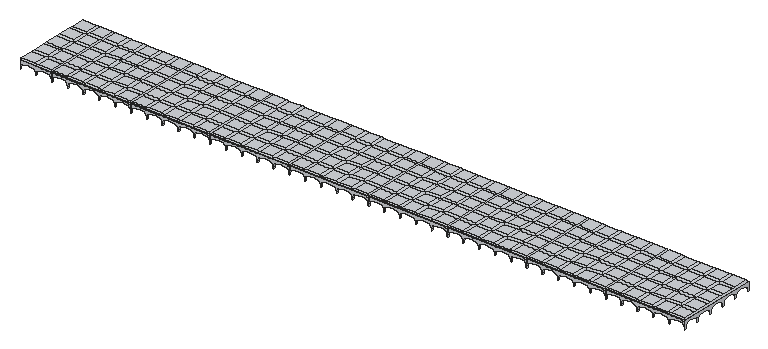
Revit family "LineaSingola_Assieme Modulblock H6", category Modelli generici, Revit 2016 (continued)
Definition of nested family "Minimodulo_H6"
  Definition of nested family "Pianta H6"
    Lines and regions (mm)
      detail lines, in view "Livello rif."
        curve 176: arc (44.7, 86.836, 0) -> (47.399, 100.011, 0) -> (44.67, 113.179, 0) r 33.32
        curve 177: arc (50, 62.479, 0) -> (41.344, 58.785, 0) -> (37.967, 50, 0) r 12.077
        curve 178: arc (24.254, 77.574, 0) -> (22.399, 77.448, 0) -> (22.284, 75.593, 0) r 1.408
        curve 179: arc (37.756, 150, 0) -> (41.419, 141.348, 0) -> (50, 137.521, 0) r 12.813
        curve 180: arc (22.284, 124.338, 0) -> (22.399, 122.483, 0) -> (24.254, 122.358, 0) r 1.408
        curve 181: arc (13.177, 244.669, 0) -> (0.01, 247.398, 0) -> (-13.164, 244.7, 0) r 33.32
        curve 182: arc (-13.094, 156.08, 0) -> (0.06, 153.392, 0) -> (13.207, 156.114, 0) r 33.32
        curve 183: arc (-43.878, 213.19, 0) -> (-46.606, 199.992, 0) -> (-43.883, 186.793, 0) r 33.32
        curve 184: arc (-50, 237.521, 0) -> (-41.419, 241.348, 0) -> (-37.756, 250, 0) r 12.813
        curve 185: arc (-24.28, 222.426, 0) -> (-22.426, 222.552, 0) -> (-22.31, 224.407, 0) r 1.408
        curve 186: arc (-37.756, 150, 0) -> (-41.419, 158.652, 0) -> (-50, 162.479, 0) r 12.813
        curve 187: arc (-22.31, 175.662, 0) -> (-22.426, 177.517, 0) -> (-24.28, 177.642, 0) r 1.408
        curve 188: arc (44.67, 186.821, 0) -> (47.399, 199.989, 0) -> (44.7, 213.164, 0) r 33.32
        curve 189: arc (37.967, 250, 0) -> (41.344, 241.215, 0) -> (50, 237.521, 0) r 12.077
        curve 190: arc (22.284, 224.407, 0) -> (22.399, 222.552, 0) -> (24.254, 222.426, 0) r 1.408
        curve 191: arc (50, 162.479, 0) -> (41.419, 158.652, 0) -> (37.756, 150, 0) r 12.813
        curve 192: arc (24.254, 177.642, 0) -> (22.399, 177.517, 0) -> (22.284, 175.662, 0) r 1.408
        curve 193: arc (86.836, -244.7, 0) -> (100.01, -247.398, 0) -> (113.177, -244.669, 0) r 33.32
        curve 194: arc (113.207, -156.114, 0) -> (100.06, -153.392, 0) -> (86.906, -156.08, 0) r 33.32
        curve 195: arc (56.117, -186.793, 0) -> (53.394, -199.992, 0) -> (56.122, -213.19, 0) r 33.32
        curve 196: arc (62.244, -250, 0) -> (58.581, -241.348, 0) -> (50, -237.521, 0) r 12.813
        curve 197: arc (77.69, -224.407, 0) -> (77.574, -222.552, 0) -> (75.72, -222.426, 0) r 1.408
        curve 198: arc (50, -162.479, 0) -> (58.581, -158.652, 0) -> (62.244, -150, 0) r 12.813
        curve 199: arc (75.72, -177.642, 0) -> (77.574, -177.517, 0) -> (77.69, -175.662, 0) r 1.408
        curve 200: arc (144.7, -213.164, 0) -> (147.399, -199.989, 0) -> (144.67, -186.821, 0) r 33.32
        curve 201: arc (150, -237.521, 0) -> (141.344, -241.215, 0) -> (137.967, -250, 0) r 12.077
        curve 202: arc (124.254, -222.426, 0) -> (122.399, -222.552, 0) -> (122.284, -224.407, 0) r 1.408
        curve 203: arc (137.756, -150, 0) -> (141.419, -158.652, 0) -> (150, -162.479, 0) r 12.813
        curve 204: arc (122.284, -175.662, 0) -> (122.399, -177.517, 0) -> (124.254, -177.642, 0) r 1.408
        curve 205: arc (86.836, -144.7, 0) -> (100.01, -147.398, 0) -> (113.177, -144.669, 0) r 33.32
        curve 206: arc (113.207, -56.114, 0) -> (100.06, -53.392, 0) -> (86.906, -56.08, 0) r 33.32
        curve 207: arc (56.117, -86.793, 0) -> (53.394, -99.992, 0) -> (56.122, -113.19, 0) r 33.32
        curve 208: arc (62.244, -150, 0) -> (58.581, -141.348, 0) -> (50, -137.521, 0) r 12.813
        curve 209: arc (77.69, -124.407, 0) -> (77.574, -122.552, 0) -> (75.72, -122.426, 0) r 1.408
        curve 210: arc (50, -62.479, 0) -> (58.581, -58.652, 0) -> (62.244, -50, 0) r 12.813
        curve 211: arc (75.72, -77.642, 0) -> (77.574, -77.517, 0) -> (77.69, -75.662, 0) r 1.408
        curve 212: arc (144.7, -113.164, 0) -> (147.399, -99.989, 0) -> (144.67, -86.821, 0) r 33.32
        curve 213: arc (150, -137.521, 0) -> (141.344, -141.215, 0) -> (137.967, -150, 0) r 12.077
        curve 214: arc (124.254, -122.426, 0) -> (122.399, -122.552, 0) -> (122.284, -124.407, 0) r 1.408
        curve 215: arc (137.756, -50, 0) -> (141.419, -58.652, 0) -> (150, -62.479, 0) r 12.813
        curve 216: arc (122.284, -75.662, 0) -> (122.399, -77.517, 0) -> (124.254, -77.642, 0) r 1.408
        curve 217: arc (86.836, -44.7, 0) -> (100.01, -47.398, 0) -> (113.177, -44.669, 0) r 33.32
        curve 218: arc (113.207, 43.886, 0) -> (100.06, 46.608, 0) -> (86.906, 43.92, 0) r 33.32
        curve 219: arc (56.117, 13.207, 0) -> (53.394, 0.008, 0) -> (56.122, -13.19, 0) r 33.32
        curve 220: arc (62.244, -50, 0) -> (58.581, -41.348, 0) -> (50, -37.521, 0) r 12.813
        curve 221: arc (77.69, -24.407, 0) -> (77.574, -22.552, 0) -> (75.72, -22.426, 0) r 1.408
        curve 222: arc (50, 37.521, 0) -> (58.581, 41.348, 0) -> (62.244, 50, 0) r 12.813
        curve 223: arc (75.72, 22.358, 0) -> (77.574, 22.483, 0) -> (77.69, 24.338, 0) r 1.408
        curve 224: arc (144.7, -13.164, 0) -> (147.399, 0.011, 0) -> (144.67, 13.179, 0) r 33.32
        curve 225: arc (150, -37.521, 0) -> (141.344, -41.215, 0) -> (137.967, -50, 0) r 12.077
        curve 226: arc (124.254, -22.426, 0) -> (122.399, -22.552, 0) -> (122.284, -24.407, 0) r 1.408
        curve 227: arc (137.756, 50, 0) -> (141.419, 41.348, 0) -> (150, 37.521, 0) r 12.813
        curve 228: arc (122.284, 24.338, 0) -> (122.399, 22.483, 0) -> (124.254, 22.358, 0) r 1.408
        curve 229: arc (86.836, 55.3, 0) -> (100.01, 52.602, 0) -> (113.177, 55.331, 0) r 33.32
        curve 230: arc (113.207, 143.886, 0) -> (100.06, 146.608, 0) -> (86.906, 143.92, 0) r 33.32
        curve 231: arc (56.117, 113.207, 0) -> (53.394, 100.008, 0) -> (56.122, 86.81, 0) r 33.32
        curve 232: arc (62.244, 50, 0) -> (58.581, 58.652, 0) -> (50, 62.479, 0) r 12.813
        curve 233: arc (77.69, 75.593, 0) -> (77.574, 77.448, 0) -> (75.72, 77.574, 0) r 1.408
        curve 234: arc (50, 137.521, 0) -> (58.581, 141.348, 0) -> (62.244, 150, 0) r 12.813
        curve 235: arc (75.72, 122.358, 0) -> (77.574, 122.483, 0) -> (77.69, 124.338, 0) r 1.408
        curve 236: arc (144.7, 86.836, 0) -> (147.399, 100.011, 0) -> (144.67, 113.179, 0) r 33.32
        curve 237: arc (150, 62.479, 0) -> (141.344, 58.785, 0) -> (137.967, 50, 0) r 12.077
        curve 238: arc (124.254, 77.574, 0) -> (122.399, 77.448, 0) -> (122.284, 75.593, 0) r 1.408
        curve 239: arc (137.756, 150, 0) -> (141.419, 141.348, 0) -> (150, 137.521, 0) r 12.813
        curve 240: arc (122.284, 124.338, 0) -> (122.399, 122.483, 0) -> (124.254, 122.358, 0) r 1.408
        curve 241: arc (113.177, 244.669, 0) -> (100.01, 247.398, 0) -> (86.836, 244.7, 0) r 33.32
        curve 242: arc (86.906, 156.08, 0) -> (100.06, 153.392, 0) -> (113.207, 156.114, 0) r 33.32
        curve 243: arc (56.122, 213.19, 0) -> (53.394, 199.992, 0) -> (56.117, 186.793, 0) r 33.32
        curve 244: arc (50, 237.521, 0) -> (58.581, 241.348, 0) -> (62.244, 250, 0) r 12.813
        curve 245: arc (75.72, 222.426, 0) -> (77.574, 222.552, 0) -> (77.69, 224.407, 0) r 1.408
        curve 246: arc (62.244, 150, 0) -> (58.581, 158.652, 0) -> (50, 162.479, 0) r 12.813
        curve 247: arc (77.69, 175.662, 0) -> (77.574, 177.517, 0) -> (75.72, 177.642, 0) r 1.408
        curve 248: arc (144.67, 186.821, 0) -> (147.399, 199.989, 0) -> (144.7, 213.164, 0) r 33.32
        curve 249: arc (137.967, 250, 0) -> (141.344, 241.215, 0) -> (150, 237.521, 0) r 12.077
        curve 250: arc (122.284, 224.407, 0) -> (122.399, 222.552, 0) -> (124.254, 222.426, 0) r 1.408
        curve 251: arc (150, 162.479, 0) -> (141.419, 158.652, 0) -> (137.756, 150, 0) r 12.813
        curve 252: arc (124.254, 177.642, 0) -> (122.399, 177.517, 0) -> (122.284, 175.662, 0) r 1.408
        curve 253: arc (186.823, -244.669, 0) -> (199.99, -247.398, 0) -> (213.164, -244.7, 0) r 33.32
        curve 254: arc (213.094, -156.08, 0) -> (199.94, -153.392, 0) -> (186.793, -156.114, 0) r 33.32
        curve 255: arc (243.878, -213.19, 0) -> (246.606, -199.992, 0) -> (243.883, -186.793, 0) r 33.32
        curve 256: arc (250, -237.521, 0) -> (241.419, -241.348, 0) -> (237.756, -250, 0) r 12.813
        curve 257: arc (224.28, -222.426, 0) -> (222.426, -222.552, 0) -> (222.31, -224.407, 0) r 1.408
        curve 258: arc (237.756, -150, 0) -> (241.419, -158.652, 0) -> (250, -162.479, 0) r 12.813
        curve 259: arc (222.31, -175.662, 0) -> (222.426, -177.517, 0) -> (224.28, -177.642, 0) r 1.408
        curve 260: arc (155.33, -186.821, 0) -> (152.601, -199.989, 0) -> (155.3, -213.164, 0) r 33.32
        curve 261: arc (162.033, -250, 0) -> (158.656, -241.215, 0) -> (150, -237.521, 0) r 12.077
        curve 262: arc (177.716, -224.407, 0) -> (177.601, -222.552, 0) -> (175.746, -222.426, 0) r 1.408
        curve 263: arc (150, -162.479, 0) -> (158.581, -158.652, 0) -> (162.244, -150, 0) r 12.813
        curve 264: arc (175.746, -177.642, 0) -> (177.601, -177.517, 0) -> (177.716, -175.662, 0) r 1.408
        curve 265: arc (186.823, -144.669, 0) -> (199.99, -147.398, 0) -> (213.164, -144.7, 0) r 33.32
        curve 266: arc (213.094, -56.08, 0) -> (199.94, -53.392, 0) -> (186.793, -56.114, 0) r 33.32
        curve 267: arc (243.878, -113.19, 0) -> (246.606, -99.992, 0) -> (243.883, -86.793, 0) r 33.32
        curve 268: arc (250, -137.521, 0) -> (241.419, -141.348, 0) -> (237.756, -150, 0) r 12.813
        curve 269: arc (224.28, -122.426, 0) -> (222.426, -122.552, 0) -> (222.31, -124.407, 0) r 1.408
        curve 270: arc (237.756, -50, 0) -> (241.419, -58.652, 0) -> (250, -62.479, 0) r 12.813
        curve 271: arc (222.31, -75.662, 0) -> (222.426, -77.517, 0) -> (224.28, -77.642, 0) r 1.408
        curve 272: arc (155.33, -86.821, 0) -> (152.601, -99.989, 0) -> (155.3, -113.164, 0) r 33.32
        curve 273: arc (162.033, -150, 0) -> (158.656, -141.215, 0) -> (150, -137.521, 0) r 12.077
        curve 274: arc (177.716, -124.407, 0) -> (177.601, -122.552, 0) -> (175.746, -122.426, 0) r 1.408
        curve 275: arc (150, -62.479, 0) -> (158.581, -58.652, 0) -> (162.244, -50, 0) r 12.813
        curve 276: arc (175.746, -77.642, 0) -> (177.601, -77.517, 0) -> (177.716, -75.662, 0) r 1.408
        curve 277: arc (186.823, -44.669, 0) -> (199.99, -47.398, 0) -> (213.164, -44.7, 0) r 33.32
        curve 278: arc (213.094, 43.92, 0) -> (199.94, 46.608, 0) -> (186.793, 43.886, 0) r 33.32
        curve 279: arc (243.878, -13.19, 0) -> (246.606, 0.008, 0) -> (243.883, 13.207, 0) r 33.32
        curve 280: arc (250, -37.521, 0) -> (241.419, -41.348, 0) -> (237.756, -50, 0) r 12.813
        curve 281: arc (224.28, -22.426, 0) -> (222.426, -22.552, 0) -> (222.31, -24.407, 0) r 1.408
        curve 282: arc (237.756, 50, 0) -> (241.419, 41.348, 0) -> (250, 37.521, 0) r 12.813
        curve 283: arc (222.31, 24.338, 0) -> (222.426, 22.483, 0) -> (224.28, 22.358, 0) r 1.408
        curve 284: arc (155.33, 13.179, 0) -> (152.601, 0.011, 0) -> (155.3, -13.164, 0) r 33.32
        curve 285: arc (162.033, -50, 0) -> (158.656, -41.215, 0) -> (150, -37.521, 0) r 12.077
        curve 286: arc (177.716, -24.407, 0) -> (177.601, -22.552, 0) -> (175.746, -22.426, 0) r 1.408
        curve 287: arc (150, 37.521, 0) -> (158.581, 41.348, 0) -> (162.244, 50, 0) r 12.813
        curve 288: arc (175.746, 22.358, 0) -> (177.601, 22.483, 0) -> (177.716, 24.338, 0) r 1.408
        curve 289: arc (186.823, 55.331, 0) -> (199.99, 52.602, 0) -> (213.164, 55.3, 0) r 33.32
        curve 290: arc (213.094, 143.92, 0) -> (199.94, 146.608, 0) -> (186.793, 143.886, 0) r 33.32
        curve 291: arc (243.878, 86.81, 0) -> (246.606, 100.008, 0) -> (243.883, 113.207, 0) r 33.32
        curve 292: arc (250, 62.479, 0) -> (241.419, 58.652, 0) -> (237.756, 50, 0) r 12.813
        curve 293: arc (224.28, 77.574, 0) -> (222.426, 77.448, 0) -> (222.31, 75.593, 0) r 1.408
        curve 294: arc (237.756, 150, 0) -> (241.419, 141.348, 0) -> (250, 137.521, 0) r 12.813
        curve 295: arc (222.31, 124.338, 0) -> (222.426, 122.483, 0) -> (224.28, 122.358, 0) r 1.408
        curve 296: arc (155.33, 113.179, 0) -> (152.601, 100.011, 0) -> (155.3, 86.836, 0) r 33.32
        curve 297: arc (162.033, 50, 0) -> (158.656, 58.785, 0) -> (150, 62.479, 0) r 12.077
        curve 298: arc (177.716, 75.593, 0) -> (177.601, 77.448, 0) -> (175.746, 77.574, 0) r 1.408
        curve 299: arc (150, 137.521, 0) -> (158.581, 141.348, 0) -> (162.244, 150, 0) r 12.813
        curve 300: arc (175.746, 122.358, 0) -> (177.601, 122.483, 0) -> (177.716, 124.338, 0) r 1.408
        curve 301: arc (213.164, 244.7, 0) -> (199.99, 247.398, 0) -> (186.823, 244.669, 0) r 33.32
        curve 302: arc (186.793, 156.114, 0) -> (199.94, 153.392, 0) -> (213.094, 156.08, 0) r 33.32
        curve 303: arc (243.883, 186.793, 0) -> (246.606, 199.992, 0) -> (243.878, 213.19, 0) r 33.32
        curve 304: arc (237.756, 250, 0) -> (241.419, 241.348, 0) -> (250, 237.521, 0) r 12.813
        curve 305: arc (222.31, 224.407, 0) -> (222.426, 222.552, 0) -> (224.28, 222.426, 0) r 1.408
        curve 306: arc (250, 162.479, 0) -> (241.419, 158.652, 0) -> (237.756, 150, 0) r 12.813
        curve 307: arc (224.28, 177.642, 0) -> (222.426, 177.517, 0) -> (222.31, 175.662, 0) r 1.408
        curve 308: arc (155.3, 213.164, 0) -> (152.601, 199.989, 0) -> (155.33, 186.821, 0) r 33.32
        curve 309: arc (150, 237.521, 0) -> (158.656, 241.215, 0) -> (162.033, 250, 0) r 12.077
        curve 310: arc (175.746, 222.426, 0) -> (177.601, 222.552, 0) -> (177.716, 224.407, 0) r 1.408
        curve 311: arc (162.244, 150, 0) -> (158.581, 158.652, 0) -> (150, 162.479, 0) r 12.813
        curve 312: arc (177.716, 175.662, 0) -> (177.601, 177.517, 0) -> (175.746, 177.642, 0) r 1.408
        curve 313: line (-222.31, -224.407, 0) -> (-238.671, -245.558, 0)
        curve 314: line (-245.406, -238.593, 0) -> (-224.28, -222.426, 0)
        curve 315: line (-213.164, -244.7, 0) -> (-213.164, -213.19, 0)
        curve 316: line (-213.164, -213.19, 0) -> (-243.878, -213.19, 0)
        curve 317: line (-250, -237.521, 0) -> (-252.784, -239.838, 0)
        curve 318: line (-252.784, -239.838, 0) -> (-252.784, -160.162, 0)
        curve 319: line (-252.784, -160.162, 0) -> (-250, -162.479, 0)
        curve 320: line (-250, -162.479, 0) -> (-250, -150, 0)
        curve 321: line (-250, -150, 0) -> (-250, -137.521, 0)
        curve 322: line (-250, -137.521, 0) -> (-252.784, -139.838, 0)
        curve 323: line (-243.883, -186.793, 0) -> (-213.094, -186.793, 0)
        curve 324: line (-213.094, -186.793, 0) -> (-213.094, -156.08, 0)
        curve 325: line (-222.31, -175.662, 0) -> (-238.689, -154.487, 0)
        curve 326: line (-245.463, -161.432, 0) -> (-224.28, -177.642, 0)
        curve 327: line (-237.756, -250, 0) -> (-239.838, -252.205, 0)
        curve 328: line (-239.838, -252.205, 0) -> (-160.162, -252.205, 0)
        curve 329: line (-160.162, -252.205, 0) -> (-162.033, -250, 0)
        curve 330: line (-162.033, -250, 0) -> (-150, -250, 0)
        curve 331: line (-177.716, -224.407, 0) -> (-161.347, -245.569, 0)
        curve 332: line (-154.736, -238.505, 0) -> (-175.746, -222.426, 0)
        curve 333: line (-155.3, -213.164, 0) -> (-186.823, -213.164, 0)
        curve 334: line (-186.823, -213.164, 0) -> (-186.823, -244.669, 0)
        curve 335: line (-150, -237.521, 0) -> (-150, -162.479, 0)
        curve 336: line (-177.716, -175.662, 0) -> (-161.32, -154.465, 0)
        curve 337: line (-154.554, -161.425, 0) -> (-175.746, -177.642, 0)
        curve 338: line (-186.793, -156.114, 0) -> (-186.793, -186.821, 0)
        curve 339: line (-186.793, -186.821, 0) -> (-155.33, -186.821, 0)
        curve 340: line (-162.244, -150, 0) -> (-237.756, -150, 0)
        curve 341: line (-252.784, -139.838, 0) -> (-252.784, -60.162, 0)
        curve 342: line (-252.784, -60.162, 0) -> (-250, -62.479, 0)
        curve 343: line (-250, -62.479, 0) -> (-250, -50, 0)
        curve 344: line (-250, -50, 0) -> (-250, -37.521, 0)
        curve 345: line (-250, -37.521, 0) -> (-252.784, -39.838, 0)
        curve 346: line (-252.784, -39.838, 0) -> (-252.784, 39.838, 0)
        curve 347: line (-222.31, -124.407, 0) -> (-238.671, -145.558, 0)
        curve 348: line (-245.406, -138.593, 0) -> (-224.28, -122.426, 0)
        curve 349: line (-213.164, -144.7, 0) -> (-213.164, -113.19, 0)
        curve 350: line (-213.164, -113.19, 0) -> (-243.878, -113.19, 0)
        curve 351: line (-243.883, -86.793, 0) -> (-213.094, -86.793, 0)
        curve 352: line (-213.094, -86.793, 0) -> (-213.094, -56.08, 0)
        curve 353: line (-222.31, -75.662, 0) -> (-238.689, -54.487, 0)
        curve 354: line (-245.463, -61.432, 0) -> (-224.28, -77.642, 0)
        curve 355: line (-177.716, -124.407, 0) -> (-161.347, -145.569, 0)
        curve 356: line (-154.736, -138.505, 0) -> (-175.746, -122.426, 0)
        curve 357: line (-155.3, -113.164, 0) -> (-186.823, -113.164, 0)
        curve 358: line (-186.823, -113.164, 0) -> (-186.823, -144.669, 0)
        curve 359: line (-150, -137.521, 0) -> (-150, -62.479, 0)
        curve 360: line (-177.716, -75.662, 0) -> (-161.32, -54.465, 0)
        curve 361: line (-154.554, -61.425, 0) -> (-175.746, -77.642, 0)
        curve 362: line (-186.793, -56.114, 0) -> (-186.793, -86.821, 0)
        curve 363: line (-186.793, -86.821, 0) -> (-155.33, -86.821, 0)
        curve 364: line (-237.756, -50, 0) -> (-162.244, -50, 0)
        curve 365: line (-162.244, -50, 0) -> (-237.756, -50, 0)
        curve 366: line (-222.31, -24.407, 0) -> (-238.671, -45.558, 0)
        curve 367: line (-245.406, -38.593, 0) -> (-224.28, -22.426, 0)
        curve 368: line (-213.164, -44.7, 0) -> (-213.164, -13.19, 0)
        curve 369: line (-213.164, -13.19, 0) -> (-243.878, -13.19, 0)
        curve 370: line (-252.784, 39.838, 0) -> (-250, 37.521, 0)
        curve 371: line (-250, 37.521, 0) -> (-250, 50, 0)
        curve 372: line (-250, 50, 0) -> (-250, 62.479, 0)
        curve 373: line (-250, 62.479, 0) -> (-252.784, 60.162, 0)
        curve 374: line (-243.883, 13.207, 0) -> (-213.094, 13.207, 0)
        curve 375: line (-213.094, 13.207, 0) -> (-213.094, 43.92, 0)
        curve 376: line (-222.31, 24.338, 0) -> (-238.689, 45.513, 0)
        curve 377: line (-245.463, 38.568, 0) -> (-224.28, 22.358, 0)
        curve 378: line (-177.716, -24.407, 0) -> (-161.347, -45.569, 0)
        curve 379: line (-154.736, -38.505, 0) -> (-175.746, -22.426, 0)
        curve 380: line (-155.3, -13.164, 0) -> (-186.823, -13.164, 0)
        curve 381: line (-186.823, -13.164, 0) -> (-186.823, -44.669, 0)
        curve 382: line (-150, -37.521, 0) -> (-150, 37.521, 0)
        curve 383: line (-177.716, 24.338, 0) -> (-161.32, 45.535, 0)
        curve 384: line (-154.554, 38.575, 0) -> (-175.746, 22.358, 0)
        curve 385: line (-186.793, 43.886, 0) -> (-186.793, 13.179, 0)
        curve 386: line (-186.793, 13.179, 0) -> (-155.33, 13.179, 0)
        curve 387: line (-237.756, 50, 0) -> (-162.244, 50, 0)
        curve 388: line (-162.244, 50, 0) -> (-237.756, 50, 0)
        curve 389: line (-252.784, 60.162, 0) -> (-252.784, 139.838, 0)
        curve 390: line (-252.784, 139.838, 0) -> (-250, 137.521, 0)
        curve 391: line (-250, 137.521, 0) -> (-250, 150, 0)
        curve 392: line (-250, 150, 0) -> (-250, 162.479, 0)
        curve 393: line (-250, 162.479, 0) -> (-252.784, 160.162, 0)
        curve 394: line (-252.784, 160.162, 0) -> (-252.784, 239.838, 0)
        curve 395: line (-252.784, 239.838, 0) -> (-250, 237.521, 0)
        curve 396: line (-222.31, 75.593, 0) -> (-238.671, 54.442, 0)
        curve 397: line (-245.406, 61.407, 0) -> (-224.28, 77.574, 0)
        curve 398: line (-213.164, 55.3, 0) -> (-213.164, 86.81, 0)
        curve 399: line (-213.164, 86.81, 0) -> (-243.878, 86.81, 0)
        curve 400: line (-243.883, 113.207, 0) -> (-213.094, 113.207, 0)
        curve 401: line (-213.094, 113.207, 0) -> (-213.094, 143.92, 0)
        curve 402: line (-222.31, 124.338, 0) -> (-238.689, 145.513, 0)
        curve 403: line (-245.463, 138.568, 0) -> (-224.28, 122.358, 0)
        curve 404: line (-177.716, 75.593, 0) -> (-161.347, 54.431, 0)
        curve 405: line (-154.736, 61.495, 0) -> (-175.746, 77.574, 0)
        curve 406: line (-155.3, 86.836, 0) -> (-186.823, 86.836, 0)
        curve 407: line (-186.823, 86.836, 0) -> (-186.823, 55.331, 0)
        curve 408: line (-150, 62.479, 0) -> (-150, 137.521, 0)
        curve 409: line (-177.716, 124.338, 0) -> (-161.32, 145.535, 0)
        curve 410: line (-154.554, 138.575, 0) -> (-175.746, 122.358, 0)
        curve 411: line (-186.793, 143.886, 0) -> (-186.793, 113.179, 0)
        curve 412: line (-186.793, 113.179, 0) -> (-155.33, 113.179, 0)
        curve 413: line (-237.756, 150, 0) -> (-162.244, 150, 0)
        curve 414: line (-162.244, 150, 0) -> (-237.756, 150, 0)
        curve 415: line (-222.31, 224.407, 0) -> (-238.671, 245.558, 0)
        curve 416: line (-245.406, 238.593, 0) -> (-224.28, 222.426, 0)
        curve 417: line (-213.164, 244.7, 0) -> (-213.164, 213.19, 0)
        curve 418: line (-213.164, 213.19, 0) -> (-243.878, 213.19, 0)
        curve 419: line (-243.883, 186.793, 0) -> (-213.094, 186.793, 0)
        curve 420: line (-213.094, 186.793, 0) -> (-213.094, 156.08, 0)
        curve 421: line (-222.31, 175.662, 0) -> (-238.689, 154.487, 0)
        curve 422: line (-245.463, 161.432, 0) -> (-224.28, 177.642, 0)
        curve 423: line (-237.756, 250, 0) -> (-239.838, 252.205, 0)
        curve 424: line (-239.838, 252.205, 0) -> (-160.162, 252.205, 0)
        curve 425: line (-160.162, 252.205, 0) -> (-162.033, 250, 0)
        curve 426: line (-162.033, 250, 0) -> (-150, 250, 0)
        curve 427: line (-177.716, 224.407, 0) -> (-161.347, 245.569, 0)
        curve 428: line (-154.736, 238.505, 0) -> (-175.746, 222.426, 0)
        curve 429: line (-155.3, 213.164, 0) -> (-186.823, 213.164, 0)
        curve 430: line (-186.823, 213.164, 0) -> (-186.823, 244.669, 0)
        curve 431: line (-150, 237.521, 0) -> (-150, 162.479, 0)
        curve 432: line (-177.716, 175.662, 0) -> (-161.32, 154.465, 0)
        curve 433: line (-154.554, 161.425, 0) -> (-175.746, 177.642, 0)
        curve 434: line (-186.793, 156.114, 0) -> (-186.793, 186.821, 0)
        curve 435: line (-186.793, 186.821, 0) -> (-155.33, 186.821, 0)
        curve 436: line (-122.31, -224.407, 0) -> (-138.671, -245.558, 0)
        curve 437: line (-145.406, -238.593, 0) -> (-124.28, -222.426, 0)
        curve 438: line (-113.164, -244.7, 0) -> (-113.164, -213.19, 0)
        curve 439: line (-113.164, -213.19, 0) -> (-143.878, -213.19, 0)
        curve 440: line (-143.883, -186.793, 0) -> (-113.094, -186.793, 0)
        curve 441: line (-113.094, -186.793, 0) -> (-113.094, -156.08, 0)
        curve 442: line (-122.31, -175.662, 0) -> (-138.689, -154.487, 0)
        curve 443: line (-145.463, -161.432, 0) -> (-124.28, -177.642, 0)
        curve 444: line (-150, -250, 0) -> (-137.756, -250, 0)
        curve 445: line (-137.756, -250, 0) -> (-139.838, -252.205, 0)
        curve 446: line (-139.838, -252.205, 0) -> (-60.162, -252.205, 0)
        curve 447: line (-60.162, -252.205, 0) -> (-62.033, -250, 0)
        curve 448: line (-62.033, -250, 0) -> (-50, -250, 0)
        curve 449: line (-77.716, -224.407, 0) -> (-61.347, -245.569, 0)
        curve 450: line (-54.736, -238.505, 0) -> (-75.746, -222.426, 0)
        curve 451: line (-55.3, -213.164, 0) -> (-86.823, -213.164, 0)
        curve 452: line (-86.823, -213.164, 0) -> (-86.823, -244.669, 0)
        curve 453: line (-50, -237.521, 0) -> (-50, -162.479, 0)
        curve 454: line (-77.716, -175.662, 0) -> (-61.32, -154.465, 0)
        curve 455: line (-54.554, -161.425, 0) -> (-75.746, -177.642, 0)
        curve 456: line (-86.793, -156.114, 0) -> (-86.793, -186.821, 0)
        curve 457: line (-86.793, -186.821, 0) -> (-55.33, -186.821, 0)
        curve 458: line (-62.244, -150, 0) -> (-137.756, -150, 0)
        curve 459: line (-122.31, -124.407, 0) -> (-138.671, -145.558, 0)
        curve 460: line (-145.406, -138.593, 0) -> (-124.28, -122.426, 0)
        curve 461: line (-113.164, -144.7, 0) -> (-113.164, -113.19, 0)
        curve 462: line (-113.164, -113.19, 0) -> (-143.878, -113.19, 0)
        curve 463: line (-143.883, -86.793, 0) -> (-113.094, -86.793, 0)
        curve 464: line (-113.094, -86.793, 0) -> (-113.094, -56.08, 0)
        curve 465: line (-122.31, -75.662, 0) -> (-138.689, -54.487, 0)
        curve 466: line (-145.463, -61.432, 0) -> (-124.28, -77.642, 0)
        curve 467: line (-77.716, -124.407, 0) -> (-61.347, -145.569, 0)
        curve 468: line (-54.736, -138.505, 0) -> (-75.746, -122.426, 0)
        curve 469: line (-55.3, -113.164, 0) -> (-86.823, -113.164, 0)
        curve 470: line (-86.823, -113.164, 0) -> (-86.823, -144.669, 0)
        curve 471: line (-50, -137.521, 0) -> (-50, -62.479, 0)
        curve 472: line (-77.716, -75.662, 0) -> (-61.32, -54.465, 0)
        curve 473: line (-54.554, -61.425, 0) -> (-75.746, -77.642, 0)
        curve 474: line (-86.793, -56.114, 0) -> (-86.793, -86.821, 0)
        curve 475: line (-86.793, -86.821, 0) -> (-55.33, -86.821, 0)
        curve 476: line (-137.756, -50, 0) -> (-62.244, -50, 0)
        curve 477: line (-62.244, -50, 0) -> (-137.756, -50, 0)
        curve 478: line (-122.31, -24.407, 0) -> (-138.671, -45.558, 0)
        curve 479: line (-145.406, -38.593, 0) -> (-124.28, -22.426, 0)
        curve 480: line (-113.164, -44.7, 0) -> (-113.164, -13.19, 0)
        curve 481: line (-113.164, -13.19, 0) -> (-143.878, -13.19, 0)
        curve 482: line (-143.883, 13.207, 0) -> (-113.094, 13.207, 0)
        curve 483: line (-113.094, 13.207, 0) -> (-113.094, 43.92, 0)
        curve 484: line (-122.31, 24.338, 0) -> (-138.689, 45.513, 0)
        curve 485: line (-145.463, 38.568, 0) -> (-124.28, 22.358, 0)
        curve 486: line (-77.716, -24.407, 0) -> (-61.347, -45.569, 0)
        curve 487: line (-54.736, -38.505, 0) -> (-75.746, -22.426, 0)
        curve 488: line (-55.3, -13.164, 0) -> (-86.823, -13.164, 0)
        curve 489: line (-86.823, -13.164, 0) -> (-86.823, -44.669, 0)
        curve 490: line (-50, -37.521, 0) -> (-50, 37.521, 0)
        curve 491: line (-77.716, 24.338, 0) -> (-61.32, 45.535, 0)
        curve 492: line (-54.554, 38.575, 0) -> (-75.746, 22.358, 0)
        curve 493: line (-86.793, 43.886, 0) -> (-86.793, 13.179, 0)
        curve 494: line (-86.793, 13.179, 0) -> (-55.33, 13.179, 0)
        curve 495: line (-137.756, 50, 0) -> (-62.244, 50, 0)
        curve 496: line (-62.244, 50, 0) -> (-137.756, 50, 0)
        curve 497: line (-122.31, 75.593, 0) -> (-138.671, 54.442, 0)
        curve 498: line (-145.406, 61.407, 0) -> (-124.28, 77.574, 0)
        curve 499: line (-113.164, 55.3, 0) -> (-113.164, 86.81, 0)
        curve 500: line (-113.164, 86.81, 0) -> (-143.878, 86.81, 0)
        curve 501: line (-143.883, 113.207, 0) -> (-113.094, 113.207, 0)
        curve 502: line (-113.094, 113.207, 0) -> (-113.094, 143.92, 0)
        curve 503: line (-122.31, 124.338, 0) -> (-138.689, 145.513, 0)
        curve 504: line (-145.463, 138.568, 0) -> (-124.28, 122.358, 0)
        curve 505: line (-77.716, 75.593, 0) -> (-61.347, 54.431, 0)
        curve 506: line (-54.736, 61.495, 0) -> (-75.746, 77.574, 0)
        curve 507: line (-55.3, 86.836, 0) -> (-86.823, 86.836, 0)
        curve 508: line (-86.823, 86.836, 0) -> (-86.823, 55.331, 0)
        curve 509: line (-50, 62.479, 0) -> (-50, 137.521, 0)
        curve 510: line (-77.716, 124.338, 0) -> (-61.32, 145.535, 0)
        curve 511: line (-54.554, 138.575, 0) -> (-75.746, 122.358, 0)
        curve 512: line (-86.793, 143.886, 0) -> (-86.793, 113.179, 0)
        curve 513: line (-86.793, 113.179, 0) -> (-55.33, 113.179, 0)
        curve 514: line (-137.756, 150, 0) -> (-62.244, 150, 0)
        curve 515: line (-62.244, 150, 0) -> (-137.756, 150, 0)
        curve 516: line (-122.31, 224.407, 0) -> (-138.671, 245.558, 0)
        curve 517: line (-145.406, 238.593, 0) -> (-124.28, 222.426, 0)
        curve 518: line (-113.164, 244.7, 0) -> (-113.164, 213.19, 0)
        curve 519: line (-113.164, 213.19, 0) -> (-143.878, 213.19, 0)
        curve 520: line (-143.883, 186.793, 0) -> (-113.094, 186.793, 0)
        curve 521: line (-113.094, 186.793, 0) -> (-113.094, 156.08, 0)
        curve 522: line (-122.31, 175.662, 0) -> (-138.689, 154.487, 0)
        curve 523: line (-145.463, 161.432, 0) -> (-124.28, 177.642, 0)
        curve 524: line (-150, 250, 0) -> (-137.756, 250, 0)
        curve 525: line (-137.756, 250, 0) -> (-139.838, 252.205, 0)
        curve 526: line (-139.838, 252.205, 0) -> (-60.162, 252.205, 0)
        curve 527: line (-60.162, 252.205, 0) -> (-62.033, 250, 0)
        curve 528: line (-62.033, 250, 0) -> (-50, 250, 0)
        curve 529: line (-77.716, 224.407, 0) -> (-61.347, 245.569, 0)
        curve 530: line (-54.736, 238.505, 0) -> (-75.746, 222.426, 0)
        curve 531: line (-55.3, 213.164, 0) -> (-86.823, 213.164, 0)
        curve 532: line (-86.823, 213.164, 0) -> (-86.823, 244.669, 0)
        curve 533: line (-50, 237.521, 0) -> (-50, 162.479, 0)
        curve 534: line (-77.716, 175.662, 0) -> (-61.32, 154.465, 0)
        curve 535: line (-54.554, 161.425, 0) -> (-75.746, 177.642, 0)
        curve 536: line (-86.793, 156.114, 0) -> (-86.793, 186.821, 0)
        curve 537: line (-86.793, 186.821, 0) -> (-55.33, 186.821, 0)
        curve 538: line (-22.31, -224.407, 0) -> (-38.671, -245.558, 0)
        curve 539: line (-45.406, -238.593, 0) -> (-24.28, -222.426, 0)
        curve 540: line (-13.164, -244.7, 0) -> (-13.164, -213.19, 0)
        curve 541: line (-13.164, -213.19, 0) -> (-43.878, -213.19, 0)
        curve 542: line (-43.883, -186.793, 0) -> (-13.094, -186.793, 0)
        curve 543: line (-13.094, -186.793, 0) -> (-13.094, -156.08, 0)
        curve 544: line (-22.31, -175.662, 0) -> (-38.689, -154.487, 0)
        curve 545: line (-45.463, -161.432, 0) -> (-24.28, -177.642, 0)
        curve 546: line (-50, -250, 0) -> (-37.756, -250, 0)
        curve 547: line (-37.756, -250, 0) -> (-39.838, -252.205, 0)
        curve 548: line (-39.838, -252.205, 0) -> (39.838, -252.205, 0)
        curve 549: line (39.838, -252.205, 0) -> (37.967, -250, 0)
        curve 550: line (37.967, -250, 0) -> (50, -250, 0)
        curve 551: line (22.284, -224.407, 0) -> (38.653, -245.569, 0)
        curve 552: line (45.264, -238.505, 0) -> (24.254, -222.426, 0)
        curve 553: line (44.7, -213.164, 0) -> (13.177, -213.164, 0)
        curve 554: line (13.177, -213.164, 0) -> (13.177, -244.669, 0)
        curve 555: line (50, -237.521, 0) -> (50, -162.479, 0)
        curve 556: line (22.284, -175.662, 0) -> (38.68, -154.465, 0)
        curve 557: line (45.446, -161.425, 0) -> (24.254, -177.642, 0)
        curve 558: line (13.207, -156.114, 0) -> (13.207, -186.821, 0)
        curve 559: line (13.207, -186.821, 0) -> (44.67, -186.821, 0)
        curve 560: line (37.756, -150, 0) -> (-37.756, -150, 0)
        curve 561: line (-22.31, -124.407, 0) -> (-38.671, -145.558, 0)
        curve 562: line (-45.406, -138.593, 0) -> (-24.28, -122.426, 0)
        curve 563: line (-13.164, -144.7, 0) -> (-13.164, -113.19, 0)
        curve 564: line (-13.164, -113.19, 0) -> (-43.878, -113.19, 0)
        curve 565: line (-43.883, -86.793, 0) -> (-13.094, -86.793, 0)
        curve 566: line (-13.094, -86.793, 0) -> (-13.094, -56.08, 0)
        curve 567: line (-22.31, -75.662, 0) -> (-38.689, -54.487, 0)
        curve 568: line (-45.463, -61.432, 0) -> (-24.28, -77.642, 0)
        curve 569: line (22.284, -124.407, 0) -> (38.653, -145.569, 0)
        curve 570: line (45.264, -138.505, 0) -> (24.254, -122.426, 0)
        curve 571: line (44.7, -113.164, 0) -> (13.177, -113.164, 0)
        curve 572: line (13.177, -113.164, 0) -> (13.177, -144.669, 0)
        curve 573: line (50, -137.521, 0) -> (50, -62.479, 0)
        curve 574: line (22.284, -75.662, 0) -> (38.68, -54.465, 0)
        curve 575: line (45.446, -61.425, 0) -> (24.254, -77.642, 0)
        curve 576: line (13.207, -56.114, 0) -> (13.207, -86.821, 0)
        curve 577: line (13.207, -86.821, 0) -> (44.67, -86.821, 0)
        curve 578: line (-37.756, -50, 0) -> (37.756, -50, 0)
        curve 579: line (37.756, -50, 0) -> (-37.756, -50, 0)
        curve 580: line (-22.31, -24.407, 0) -> (-38.671, -45.558, 0)
        curve 581: line (-45.406, -38.593, 0) -> (-24.28, -22.426, 0)
        curve 582: line (-13.164, -44.7, 0) -> (-13.164, -13.19, 0)
        curve 583: line (-13.164, -13.19, 0) -> (-43.878, -13.19, 0)
        curve 584: line (-43.883, 13.207, 0) -> (-13.094, 13.207, 0)
        curve 585: line (-13.094, 13.207, 0) -> (-13.094, 43.92, 0)
        curve 586: line (-22.31, 24.338, 0) -> (-38.689, 45.513, 0)
        curve 587: line (-45.463, 38.568, 0) -> (-24.28, 22.358, 0)
        curve 588: line (22.284, -24.407, 0) -> (38.653, -45.569, 0)
        curve 589: line (45.264, -38.505, 0) -> (24.254, -22.426, 0)
        curve 590: line (44.7, -13.164, 0) -> (13.177, -13.164, 0)
        curve 591: line (13.177, -13.164, 0) -> (13.177, -44.669, 0)
        curve 592: line (50, -37.521, 0) -> (50, 37.521, 0)
        curve 593: line (22.284, 24.338, 0) -> (38.68, 45.535, 0)
        curve 594: line (45.446, 38.575, 0) -> (24.254, 22.358, 0)
        curve 595: line (13.207, 43.886, 0) -> (13.207, 13.179, 0)
        curve 596: line (13.207, 13.179, 0) -> (44.67, 13.179, 0)
        curve 597: line (-37.756, 50, 0) -> (37.756, 50, 0)
        curve 598: line (37.756, 50, 0) -> (-37.756, 50, 0)
        curve 599: line (-22.31, 75.593, 0) -> (-38.671, 54.442, 0)
        curve 600: line (-45.406, 61.407, 0) -> (-24.28, 77.574, 0)
        curve 601: line (-13.164, 55.3, 0) -> (-13.164, 86.81, 0)
        curve 602: line (-13.164, 86.81, 0) -> (-43.878, 86.81, 0)
        curve 603: line (-43.883, 113.207, 0) -> (-13.094, 113.207, 0)
        curve 604: line (-13.094, 113.207, 0) -> (-13.094, 143.92, 0)
        curve 605: line (-22.31, 124.338, 0) -> (-38.689, 145.513, 0)
        curve 606: line (-45.463, 138.568, 0) -> (-24.28, 122.358, 0)
        curve 607: line (22.284, 75.593, 0) -> (38.653, 54.431, 0)
        curve 608: line (45.264, 61.495, 0) -> (24.254, 77.574, 0)
        curve 609: line (44.7, 86.836, 0) -> (13.177, 86.836, 0)
        curve 610: line (13.177, 86.836, 0) -> (13.177, 55.331, 0)
        curve 611: line (50, 62.479, 0) -> (50, 137.521, 0)
        curve 612: line (22.284, 124.338, 0) -> (38.68, 145.535, 0)
        curve 613: line (45.446, 138.575, 0) -> (24.254, 122.358, 0)
        curve 614: line (13.207, 143.886, 0) -> (13.207, 113.179, 0)
        curve 615: line (13.207, 113.179, 0) -> (44.67, 113.179, 0)
        curve 616: line (-37.756, 150, 0) -> (37.756, 150, 0)
        curve 617: line (37.756, 150, 0) -> (-37.756, 150, 0)
        curve 618: line (-22.31, 224.407, 0) -> (-38.671, 245.558, 0)
        curve 619: line (-45.406, 238.593, 0) -> (-24.28, 222.426, 0)
        curve 620: line (-13.164, 244.7, 0) -> (-13.164, 213.19, 0)
        curve 621: line (-13.164, 213.19, 0) -> (-43.878, 213.19, 0)
        curve 622: line (-43.883, 186.793, 0) -> (-13.094, 186.793, 0)
        curve 623: line (-13.094, 186.793, 0) -> (-13.094, 156.08, 0)
        curve 624: line (-22.31, 175.662, 0) -> (-38.689, 154.487, 0)
        curve 625: line (-45.463, 161.432, 0) -> (-24.28, 177.642, 0)
        curve 626: line (-50, 250, 0) -> (-37.756, 250, 0)
        curve 627: line (-37.756, 250, 0) -> (-39.838, 252.205, 0)
        curve 628: line (-39.838, 252.205, 0) -> (39.838, 252.205, 0)
        curve 629: line (39.838, 252.205, 0) -> (37.967, 250, 0)
        curve 630: line (37.967, 250, 0) -> (50, 250, 0)
        curve 631: line (22.284, 224.407, 0) -> (38.653, 245.569, 0)
        curve 632: line (45.264, 238.505, 0) -> (24.254, 222.426, 0)
        curve 633: line (44.7, 213.164, 0) -> (13.177, 213.164, 0)
        curve 634: line (13.177, 213.164, 0) -> (13.177, 244.669, 0)
        curve 635: line (50, 237.521, 0) -> (50, 162.479, 0)
        curve 636: line (22.284, 175.662, 0) -> (38.68, 154.465, 0)
        curve 637: line (45.446, 161.425, 0) -> (24.254, 177.642, 0)
        curve 638: line (13.207, 156.114, 0) -> (13.207, 186.821, 0)
        curve 639: line (13.207, 186.821, 0) -> (44.67, 186.821, 0)
        curve 640: line (77.69, -224.407, 0) -> (61.329, -245.558, 0)
        curve 641: line (54.594, -238.593, 0) -> (75.72, -222.426, 0)
        curve 642: line (86.836, -244.7, 0) -> (86.836, -213.19, 0)
        curve 643: line (86.836, -213.19, 0) -> (56.122, -213.19, 0)
        curve 644: line (56.117, -186.793, 0) -> (86.906, -186.793, 0)
        curve 645: line (86.906, -186.793, 0) -> (86.906, -156.08, 0)
        curve 646: line (77.69, -175.662, 0) -> (61.311, -154.487, 0)
        curve 647: line (54.537, -161.432, 0) -> (75.72, -177.642, 0)
        curve 648: line (50, -250, 0) -> (62.244, -250, 0)
        curve 649: line (62.244, -250, 0) -> (60.162, -252.205, 0)
        curve 650: line (60.162, -252.205, 0) -> (139.838, -252.205, 0)
        curve 651: line (139.838, -252.205, 0) -> (137.967, -250, 0)
        curve 652: line (137.967, -250, 0) -> (150, -250, 0)
        curve 653: line (150, -250, 0) -> (162.033, -250, 0)
        curve 654: line (122.284, -224.407, 0) -> (138.653, -245.569, 0)
        curve 655: line (145.264, -238.505, 0) -> (124.254, -222.426, 0)
        curve 656: line (144.7, -213.164, 0) -> (113.177, -213.164, 0)
        curve 657: line (113.177, -213.164, 0) -> (113.177, -244.669, 0)
        curve 658: line (150, -237.521, 0) -> (150, -162.479, 0)
        curve 659: line (122.284, -175.662, 0) -> (138.68, -154.465, 0)
        curve 660: line (145.446, -161.425, 0) -> (124.254, -177.642, 0)
        curve 661: line (113.207, -156.114, 0) -> (113.207, -186.821, 0)
        curve 662: line (113.207, -186.821, 0) -> (144.67, -186.821, 0)
        curve 663: line (137.756, -150, 0) -> (62.244, -150, 0)
        curve 664: line (77.69, -124.407, 0) -> (61.329, -145.558, 0)
        curve 665: line (54.594, -138.593, 0) -> (75.72, -122.426, 0)
        curve 666: line (86.836, -144.7, 0) -> (86.836, -113.19, 0)
        curve 667: line (86.836, -113.19, 0) -> (56.122, -113.19, 0)
        curve 668: line (56.117, -86.793, 0) -> (86.906, -86.793, 0)
        curve 669: line (86.906, -86.793, 0) -> (86.906, -56.08, 0)
        curve 670: line (77.69, -75.662, 0) -> (61.311, -54.487, 0)
        curve 671: line (54.537, -61.432, 0) -> (75.72, -77.642, 0)
        curve 672: line (122.284, -124.407, 0) -> (138.653, -145.569, 0)
        curve 673: line (145.264, -138.505, 0) -> (124.254, -122.426, 0)
        curve 674: line (144.7, -113.164, 0) -> (113.177, -113.164, 0)
        curve 675: line (113.177, -113.164, 0) -> (113.177, -144.669, 0)
        curve 676: line (150, -137.521, 0) -> (150, -62.479, 0)
        curve 677: line (122.284, -75.662, 0) -> (138.68, -54.465, 0)
        curve 678: line (145.446, -61.425, 0) -> (124.254, -77.642, 0)
        curve 679: line (113.207, -56.114, 0) -> (113.207, -86.821, 0)
        curve 680: line (113.207, -86.821, 0) -> (144.67, -86.821, 0)
        curve 681: line (62.244, -50, 0) -> (137.756, -50, 0)
        curve 682: line (137.756, -50, 0) -> (62.244, -50, 0)
        curve 683: line (77.69, -24.407, 0) -> (61.329, -45.558, 0)
        curve 684: line (54.594, -38.593, 0) -> (75.72, -22.426, 0)
        curve 685: line (86.836, -44.7, 0) -> (86.836, -13.19, 0)
        curve 686: line (86.836, -13.19, 0) -> (56.122, -13.19, 0)
        curve 687: line (56.117, 13.207, 0) -> (86.906, 13.207, 0)
        curve 688: line (86.906, 13.207, 0) -> (86.906, 43.92, 0)
        curve 689: line (77.69, 24.338, 0) -> (61.311, 45.513, 0)
        curve 690: line (54.537, 38.568, 0) -> (75.72, 22.358, 0)
        curve 691: line (122.284, -24.407, 0) -> (138.653, -45.569, 0)
        curve 692: line (145.264, -38.505, 0) -> (124.254, -22.426, 0)
        curve 693: line (144.7, -13.164, 0) -> (113.177, -13.164, 0)
        curve 694: line (113.177, -13.164, 0) -> (113.177, -44.669, 0)
        curve 695: line (150, -37.521, 0) -> (150, 38.325, 0)
        curve 696: line (122.284, 24.338, 0) -> (138.68, 45.535, 0)
        curve 697: line (145.446, 38.575, 0) -> (124.254, 22.358, 0)
        curve 698: line (113.207, 43.886, 0) -> (113.207, 13.179, 0)
        curve 699: line (113.207, 13.179, 0) -> (144.67, 13.179, 0)
        curve 700: line (62.244, 50, 0) -> (137.756, 50, 0)
        curve 701: line (137.756, 50, 0) -> (62.244, 50, 0)
        curve 702: line (77.69, 75.593, 0) -> (61.329, 54.442, 0)
        curve 703: line (54.594, 61.407, 0) -> (75.72, 77.574, 0)
        curve 704: line (86.836, 55.3, 0) -> (86.836, 86.81, 0)
        curve 705: line (86.836, 86.81, 0) -> (56.122, 86.81, 0)
        curve 706: line (56.117, 113.207, 0) -> (86.906, 113.207, 0)
        curve 707: line (86.906, 113.207, 0) -> (86.906, 143.92, 0)
        curve 708: line (77.69, 124.338, 0) -> (61.311, 145.513, 0)
        curve 709: line (54.537, 138.568, 0) -> (75.72, 122.358, 0)
        curve 710: line (122.284, 75.593, 0) -> (138.653, 54.431, 0)
        curve 711: line (145.264, 61.495, 0) -> (124.254, 77.574, 0)
        curve 712: line (144.7, 86.836, 0) -> (113.177, 86.836, 0)
        curve 713: line (113.177, 86.836, 0) -> (113.177, 55.331, 0)
        curve 714: line (150, 62.479, 0) -> (150, 137.521, 0)
        curve 715: line (122.284, 124.338, 0) -> (138.68, 145.535, 0)
        curve 716: line (145.446, 138.575, 0) -> (124.254, 122.358, 0)
        curve 717: line (113.207, 143.886, 0) -> (113.207, 113.179, 0)
        curve 718: line (113.207, 113.179, 0) -> (144.67, 113.179, 0)
        curve 719: line (62.244, 150, 0) -> (137.756, 150, 0)
        curve 720: line (137.756, 150, 0) -> (62.244, 150, 0)
        curve 721: line (77.69, 224.407, 0) -> (61.329, 245.558, 0)
        curve 722: line (54.594, 238.593, 0) -> (75.72, 222.426, 0)
        curve 723: line (86.836, 244.7, 0) -> (86.836, 213.19, 0)
        curve 724: line (86.836, 213.19, 0) -> (56.122, 213.19, 0)
        curve 725: line (56.117, 186.793, 0) -> (86.906, 186.793, 0)
        curve 726: line (86.906, 186.793, 0) -> (86.906, 156.08, 0)
        curve 727: line (77.69, 175.662, 0) -> (61.311, 154.487, 0)
        curve 728: line (54.537, 161.432, 0) -> (75.72, 177.642, 0)
        curve 729: line (50, 250, 0) -> (62.244, 250, 0)
        curve 730: line (62.244, 250, 0) -> (60.162, 252.205, 0)
        curve 731: line (60.162, 252.205, 0) -> (139.838, 252.205, 0)
        curve 732: line (139.838, 252.205, 0) -> (137.967, 250, 0)
        curve 733: line (137.967, 250, 0) -> (150, 250, 0)
        curve 734: line (150, 250, 0) -> (162.033, 250, 0)
        curve 735: line (122.284, 224.407, 0) -> (138.653, 245.569, 0)
        curve 736: line (145.264, 238.505, 0) -> (124.254, 222.426, 0)
        curve 737: line (144.7, 213.164, 0) -> (113.177, 213.164, 0)
        curve 738: line (113.177, 213.164, 0) -> (113.177, 244.669, 0)
        curve 739: line (150, 237.521, 0) -> (150, 162.479, 0)
        curve 740: line (122.284, 175.662, 0) -> (138.68, 154.465, 0)
        curve 741: line (145.446, 161.425, 0) -> (124.254, 177.642, 0)
        curve 742: line (113.207, 156.114, 0) -> (113.207, 186.821, 0)
        curve 743: line (113.207, 186.821, 0) -> (144.67, 186.821, 0)
        curve 744: line (162.033, -250, 0) -> (160.162, -252.205, 0)
        curve 745: line (160.162, -252.205, 0) -> (239.838, -252.205, 0)
        curve 746: line (239.838, -252.205, 0) -> (237.756, -250, 0)
        curve 747: line (222.31, -224.407, 0) -> (238.671, -245.558, 0)
        curve 748: line (245.406, -238.593, 0) -> (224.28, -222.426, 0)
        curve 749: line (213.164, -244.7, 0) -> (213.164, -213.19, 0)
        curve 750: line (213.164, -213.19, 0) -> (243.878, -213.19, 0)
        curve 751: line (250, -237.521, 0) -> (252.784, -239.838, 0)
        curve 752: line (252.784, -239.838, 0) -> (252.784, -160.162, 0)
        curve 753: line (252.784, -160.162, 0) -> (250, -162.479, 0)
        curve 754: line (250, -162.479, 0) -> (250, -150, 0)
        curve 755: line (250, -150, 0) -> (250, -137.521, 0)
        curve 756: line (250, -137.521, 0) -> (252.784, -139.838, 0)
        curve 757: line (243.883, -186.793, 0) -> (213.094, -186.793, 0)
        curve 758: line (213.094, -186.793, 0) -> (213.094, -156.08, 0)
        curve 759: line (222.31, -175.662, 0) -> (238.689, -154.487, 0)
        curve 760: line (245.463, -161.432, 0) -> (224.28, -177.642, 0)
        curve 761: line (177.716, -224.407, 0) -> (161.347, -245.569, 0)
        curve 762: line (154.736, -238.505, 0) -> (175.746, -222.426, 0)
        curve 763: line (155.3, -213.164, 0) -> (186.823, -213.164, 0)
        curve 764: line (186.823, -213.164, 0) -> (186.823, -244.669, 0)
        curve 765: line (177.716, -175.662, 0) -> (161.32, -154.465, 0)
        curve 766: line (154.554, -161.425, 0) -> (175.746, -177.642, 0)
        curve 767: line (186.793, -156.114, 0) -> (186.793, -186.821, 0)
        curve 768: line (186.793, -186.821, 0) -> (155.33, -186.821, 0)
        curve 769: line (162.244, -150, 0) -> (237.756, -150, 0)
        curve 770: line (252.784, -139.838, 0) -> (252.784, -60.162, 0)
        curve 771: line (252.784, -60.162, 0) -> (250, -62.479, 0)
        curve 772: line (250, -62.479, 0) -> (250, -50, 0)
        curve 773: line (250, -50, 0) -> (250, -37.521, 0)
        curve 774: line (250, -37.521, 0) -> (252.784, -39.838, 0)
        curve 775: line (252.784, -39.838, 0) -> (252.784, 39.838, 0)
        curve 776: line (222.31, -124.407, 0) -> (238.671, -145.558, 0)
        curve 777: line (245.406, -138.593, 0) -> (224.28, -122.426, 0)
        curve 778: line (213.164, -144.7, 0) -> (213.164, -113.19, 0)
        curve 779: line (213.164, -113.19, 0) -> (243.878, -113.19, 0)
        curve 780: line (243.883, -86.793, 0) -> (213.094, -86.793, 0)
        curve 781: line (213.094, -86.793, 0) -> (213.094, -56.08, 0)
        curve 782: line (222.31, -75.662, 0) -> (238.689, -54.487, 0)
        curve 783: line (245.463, -61.432, 0) -> (224.28, -77.642, 0)
        curve 784: line (177.716, -124.407, 0) -> (161.347, -145.569, 0)
        curve 785: line (154.736, -138.505, 0) -> (175.746, -122.426, 0)
        curve 786: line (155.3, -113.164, 0) -> (186.823, -113.164, 0)
        curve 787: line (186.823, -113.164, 0) -> (186.823, -144.669, 0)
        curve 788: line (177.716, -75.662, 0) -> (161.32, -54.465, 0)
        curve 789: line (154.554, -61.425, 0) -> (175.746, -77.642, 0)
        curve 790: line (186.793, -56.114, 0) -> (186.793, -86.821, 0)
        curve 791: line (186.793, -86.821, 0) -> (155.33, -86.821, 0)
        curve 792: line (237.756, -50, 0) -> (162.244, -50, 0)
        curve 793: line (162.244, -50, 0) -> (237.756, -50, 0)
        curve 794: line (222.31, -24.407, 0) -> (238.671, -45.558, 0)
        curve 795: line (245.406, -38.593, 0) -> (224.28, -22.426, 0)
        curve 796: line (213.164, -44.7, 0) -> (213.164, -13.19, 0)
        curve 797: line (213.164, -13.19, 0) -> (243.878, -13.19, 0)
        curve 798: line (252.784, 39.838, 0) -> (250, 37.521, 0)
        curve 799: line (250, 37.521, 0) -> (250, 50, 0)
        curve 800: line (250, 50, 0) -> (250, 62.479, 0)
        curve 801: line (250, 62.479, 0) -> (252.784, 60.162, 0)
        curve 802: line (243.883, 13.207, 0) -> (213.094, 13.207, 0)
        curve 803: line (213.094, 13.207, 0) -> (213.094, 43.92, 0)
        curve 804: line (222.31, 24.338, 0) -> (238.689, 45.513, 0)
        curve 805: line (245.463, 38.568, 0) -> (224.28, 22.358, 0)
        curve 806: line (177.716, -24.407, 0) -> (161.347, -45.569, 0)
        curve 807: line (154.736, -38.505, 0) -> (175.746, -22.426, 0)
        curve 808: line (155.3, -13.164, 0) -> (186.823, -13.164, 0)
        curve 809: line (186.823, -13.164, 0) -> (186.823, -44.669, 0)
        curve 810: line (177.716, 24.338, 0) -> (161.32, 45.535, 0)
        curve 811: line (154.554, 38.575, 0) -> (175.746, 22.358, 0)
        curve 812: line (186.793, 43.886, 0) -> (186.793, 13.179, 0)
        curve 813: line (186.793, 13.179, 0) -> (155.33, 13.179, 0)
        curve 814: line (237.756, 50, 0) -> (162.244, 50, 0)
        curve 815: line (162.244, 50, 0) -> (237.756, 50, 0)
        curve 816: line (252.784, 60.162, 0) -> (252.784, 139.838, 0)
        curve 817: line (252.784, 139.838, 0) -> (250, 137.521, 0)
        curve 818: line (250, 137.521, 0) -> (250, 150, 0)
        curve 819: line (250, 150, 0) -> (250, 162.479, 0)
        curve 820: line (250, 162.479, 0) -> (252.784, 160.162, 0)
        curve 821: line (252.784, 160.162, 0) -> (252.784, 239.838, 0)
        curve 822: line (252.784, 239.838, 0) -> (250, 237.521, 0)
        curve 823: line (222.31, 75.593, 0) -> (238.671, 54.442, 0)
        curve 824: line (245.406, 61.407, 0) -> (224.28, 77.574, 0)
        curve 825: line (213.164, 55.3, 0) -> (213.164, 86.81, 0)
        curve 826: line (213.164, 86.81, 0) -> (243.878, 86.81, 0)
        curve 827: line (243.883, 113.207, 0) -> (213.094, 113.207, 0)
        curve 828: line (213.094, 113.207, 0) -> (213.094, 143.92, 0)
        curve 829: line (222.31, 124.338, 0) -> (238.689, 145.513, 0)
        curve 830: line (245.463, 138.568, 0) -> (224.28, 122.358, 0)
        curve 831: line (177.716, 75.593, 0) -> (161.347, 54.431, 0)
        curve 832: line (154.736, 61.495, 0) -> (175.746, 77.574, 0)
        curve 833: line (155.3, 86.836, 0) -> (186.823, 86.836, 0)
        curve 834: line (186.823, 86.836, 0) -> (186.823, 55.331, 0)
        curve 835: line (177.716, 124.338, 0) -> (161.32, 145.535, 0)
        curve 836: line (154.554, 138.575, 0) -> (175.746, 122.358, 0)
        curve 837: line (186.793, 143.886, 0) -> (186.793, 113.179, 0)
        curve 838: line (186.793, 113.179, 0) -> (155.33, 113.179, 0)
        curve 839: line (237.756, 150, 0) -> (162.244, 150, 0)
        curve 840: line (162.244, 150, 0) -> (237.756, 150, 0)
        curve 841: line (162.033, 250, 0) -> (160.162, 252.205, 0)
        curve 842: line (160.162, 252.205, 0) -> (239.838, 252.205, 0)
        curve 843: line (239.838, 252.205, 0) -> (237.756, 250, 0)
        curve 844: line (222.31, 224.407, 0) -> (238.671, 245.558, 0)
        curve 845: line (245.406, 238.593, 0) -> (224.28, 222.426, 0)
        curve 846: line (213.164, 244.7, 0) -> (213.164, 213.19, 0)
        curve 847: line (213.164, 213.19, 0) -> (243.878, 213.19, 0)
        curve 848: line (243.883, 186.793, 0) -> (213.094, 186.793, 0)
        curve 849: line (213.094, 186.793, 0) -> (213.094, 156.08, 0)
        curve 850: line (222.31, 175.662, 0) -> (238.689, 154.487, 0)
        curve 851: line (245.463, 161.432, 0) -> (224.28, 177.642, 0)
        curve 852: line (177.716, 224.407, 0) -> (161.347, 245.569, 0)
        curve 853: line (154.736, 238.505, 0) -> (175.746, 222.426, 0)
        curve 854: line (155.3, 213.164, 0) -> (186.823, 213.164, 0)
        curve 855: line (186.823, 213.164, 0) -> (186.823, 244.669, 0)
        curve 856: line (177.716, 175.662, 0) -> (161.32, 154.465, 0)
        curve 857: line (154.554, 161.425, 0) -> (175.746, 177.642, 0)
        curve 858: line (186.793, 156.114, 0) -> (186.793, 186.821, 0)
        curve 859: line (186.793, 186.821, 0) -> (155.33, 186.821, 0)
      detail lines, in view "Livello rif.", not visible
        curve 860: line (-237.756, 250, 0) -> (-250, 250, 0)
        curve 861: line (-250, 250, 0) -> (-250, 237.521, 0)
        curve 862: line (-250, 237.521, 0) -> (-250, -237.521, 0)
        curve 863: line (-250, -237.521, 0) -> (-250, -250, 0)
        curve 864: line (-250, -250, 0) -> (-237.756, -250, 0)
        curve 865: line (-237.756, -250, 0) -> (237.756, -250, 0)
        curve 866: line (237.756, -250, 0) -> (250, -250, 0)
        curve 867: line (250, -250, 0) -> (250, -237.521, 0)
        curve 868: line (250, -237.521, 0) -> (250, 237.521, 0)
        curve 869: line (250, 237.521, 0) -> (250, 250, 0)
        curve 870: line (250, 250, 0) -> (237.756, 250, 0)
        curve 871: line (237.756, 250, 0) -> (-237.756, 250, 0)
        curve 872: arc (-213.164, -244.7, 0) -> (-199.99, -247.398, 0) -> (-186.823, -244.669, 0) r 33.32
        curve 873: arc (-186.793, -156.114, 0) -> (-199.94, -153.392, 0) -> (-213.094, -156.08, 0) r 33.32
        curve 874: arc (-243.883, -186.793, 0) -> (-246.606, -199.992, 0) -> (-243.878, -213.19, 0) r 33.32
        curve 875: arc (-237.756, -250, 0) -> (-241.419, -241.348, 0) -> (-250, -237.521, 0) r 12.813
        curve 876: arc (-222.31, -224.407, 0) -> (-222.426, -222.552, 0) -> (-224.28, -222.426, 0) r 1.408
        curve 877: arc (-250, -162.479, 0) -> (-241.419, -158.652, 0) -> (-237.756, -150, 0) r 12.813
        curve 878: arc (-224.28, -177.642, 0) -> (-222.426, -177.517, 0) -> (-222.31, -175.662, 0) r 1.408
        curve 879: arc (-155.3, -213.164, 0) -> (-152.601, -199.989, 0) -> (-155.33, -186.821, 0) r 33.32
        curve 880: arc (-150, -237.521, 0) -> (-158.656, -241.215, 0) -> (-162.033, -250, 0) r 12.077
        curve 881: arc (-175.746, -222.426, 0) -> (-177.601, -222.552, 0) -> (-177.716, -224.407, 0) r 1.408
        curve 882: arc (-162.244, -150, 0) -> (-158.581, -158.652, 0) -> (-150, -162.479, 0) r 12.813
        curve 883: arc (-177.716, -175.662, 0) -> (-177.601, -177.517, 0) -> (-175.746, -177.642, 0) r 1.408
        curve 884: arc (-213.164, -144.7, 0) -> (-199.99, -147.398, 0) -> (-186.823, -144.669, 0) r 33.32
        curve 885: arc (-186.793, -56.114, 0) -> (-199.94, -53.392, 0) -> (-213.094, -56.08, 0) r 33.32
        curve 886: arc (-243.883, -86.793, 0) -> (-246.606, -99.992, 0) -> (-243.878, -113.19, 0) r 33.32
        curve 887: arc (-237.756, -150, 0) -> (-241.419, -141.348, 0) -> (-250, -137.521, 0) r 12.813
        curve 888: arc (-222.31, -124.407, 0) -> (-222.426, -122.552, 0) -> (-224.28, -122.426, 0) r 1.408
        curve 889: arc (-250, -62.479, 0) -> (-241.419, -58.652, 0) -> (-237.756, -50, 0) r 12.813
        curve 890: arc (-224.28, -77.642, 0) -> (-222.426, -77.517, 0) -> (-222.31, -75.662, 0) r 1.408
        curve 891: arc (-155.3, -113.164, 0) -> (-152.601, -99.989, 0) -> (-155.33, -86.821, 0) r 33.32
        curve 892: arc (-150, -137.521, 0) -> (-158.656, -141.215, 0) -> (-162.033, -150, 0) r 12.077
        curve 893: arc (-175.746, -122.426, 0) -> (-177.601, -122.552, 0) -> (-177.716, -124.407, 0) r 1.408
        curve 894: arc (-162.244, -50, 0) -> (-158.581, -58.652, 0) -> (-150, -62.479, 0) r 12.813
        curve 895: arc (-177.716, -75.662, 0) -> (-177.601, -77.517, 0) -> (-175.746, -77.642, 0) r 1.408
        curve 896: arc (-213.164, -44.7, 0) -> (-199.99, -47.398, 0) -> (-186.823, -44.669, 0) r 33.32
        curve 897: arc (-186.793, 43.886, 0) -> (-199.94, 46.608, 0) -> (-213.094, 43.92, 0) r 33.32
        curve 898: arc (-243.883, 13.207, 0) -> (-246.606, 0.008, 0) -> (-243.878, -13.19, 0) r 33.32
        curve 899: arc (-237.756, -50, 0) -> (-241.419, -41.348, 0) -> (-250, -37.521, 0) r 12.813
        curve 900: arc (-222.31, -24.407, 0) -> (-222.426, -22.552, 0) -> (-224.28, -22.426, 0) r 1.408
        curve 901: arc (-250, 37.521, 0) -> (-241.419, 41.348, 0) -> (-237.756, 50, 0) r 12.813
        curve 902: arc (-224.28, 22.358, 0) -> (-222.426, 22.483, 0) -> (-222.31, 24.338, 0) r 1.408
        curve 903: arc (-155.3, -13.164, 0) -> (-152.601, 0.011, 0) -> (-155.33, 13.179, 0) r 33.32
        curve 904: arc (-150, -37.521, 0) -> (-158.656, -41.215, 0) -> (-162.033, -50, 0) r 12.077
        curve 905: arc (-175.746, -22.426, 0) -> (-177.601, -22.552, 0) -> (-177.716, -24.407, 0) r 1.408
        curve 906: arc (-162.244, 50, 0) -> (-158.581, 41.348, 0) -> (-150, 37.521, 0) r 12.813
        curve 907: arc (-177.716, 24.338, 0) -> (-177.601, 22.483, 0) -> (-175.746, 22.358, 0) r 1.408
        curve 908: arc (-213.164, 55.3, 0) -> (-199.99, 52.602, 0) -> (-186.823, 55.331, 0) r 33.32
        curve 909: arc (-186.793, 143.886, 0) -> (-199.94, 146.608, 0) -> (-213.094, 143.92, 0) r 33.32
        curve 910: arc (-243.883, 113.207, 0) -> (-246.606, 100.008, 0) -> (-243.878, 86.81, 0) r 33.32
        curve 911: arc (-237.756, 50, 0) -> (-241.419, 58.652, 0) -> (-250, 62.479, 0) r 12.813
        curve 912: arc (-222.31, 75.593, 0) -> (-222.426, 77.448, 0) -> (-224.28, 77.574, 0) r 1.408
        curve 913: arc (-250, 137.521, 0) -> (-241.419, 141.348, 0) -> (-237.756, 150, 0) r 12.813
        curve 914: arc (-224.28, 122.358, 0) -> (-222.426, 122.483, 0) -> (-222.31, 124.338, 0) r 1.408
        curve 915: arc (-155.3, 86.836, 0) -> (-152.601, 100.011, 0) -> (-155.33, 113.179, 0) r 33.32
        curve 916: arc (-150, 62.479, 0) -> (-158.656, 58.785, 0) -> (-162.033, 50, 0) r 12.077
        curve 917: arc (-175.746, 77.574, 0) -> (-177.601, 77.448, 0) -> (-177.716, 75.593, 0) r 1.408
        curve 918: arc (-162.244, 150, 0) -> (-158.581, 141.348, 0) -> (-150, 137.521, 0) r 12.813
        curve 919: arc (-177.716, 124.338, 0) -> (-177.601, 122.483, 0) -> (-175.746, 122.358, 0) r 1.408
        curve 920: arc (-186.823, 244.669, 0) -> (-199.99, 247.398, 0) -> (-213.164, 244.7, 0) r 33.32
        curve 921: arc (-213.094, 156.08, 0) -> (-199.94, 153.392, 0) -> (-186.793, 156.114, 0) r 33.32
        curve 922: arc (-243.878, 213.19, 0) -> (-246.606, 199.992, 0) -> (-243.883, 186.793, 0) r 33.32
        curve 923: arc (-250, 237.521, 0) -> (-241.419, 241.348, 0) -> (-237.756, 250, 0) r 12.813
